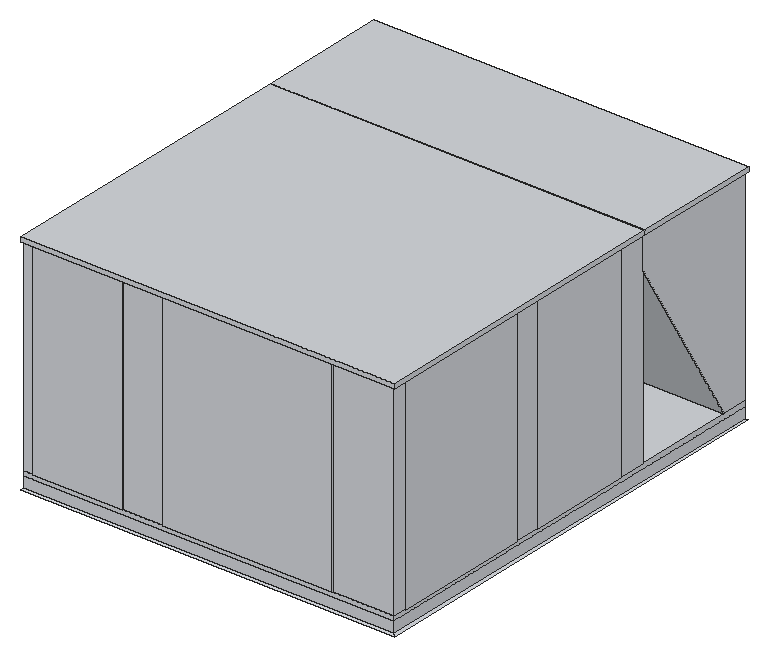
Revit family "Family3", category Generic Models, host Face, Revit 2025
Family settings
  Host = Face
  Can host rebar = No
  Round Connector Dimension = Use Diameter
  Part Type = Normal
  Cut with Voids When Loaded = No
  Maintain Annotation Orientation = No
  Shared = No
  Room Calculation Point = No
Parameters
  Default Elevation = 48"
Reference planes (in)
  plane 1 "Center (Front/Back)": y = 0
  plane 2: z = 0
  plane 3 "Center (Left/Right)": x = 0
  plane 4: z = 53.5625
  plane 5: x = 44.5625
  plane 6: x = -44.5625
  plane 7: y = -52.75
  plane 8: y = 22.0625
  plane 9: z = 45.75
  plane 10: z = 54.625
  plane 11: y = 52.75
  plane 12: y = 46.375
Forms (in)
  Extrusion 1, solid
    sketch origin (0, 0, 0) x (1, 0, 0) y (0, 1, 0)
      loop
        line (-44.5625, 22.0625) -> (-44.5625, -52.75) -> (44.5625, -52.75) -> (44.5625, 22.0625) -> (-44.5625, 22.0625)
    from 4.125 to 53.5625
  Extrusion 2, solid
    sketch origin (0, 0, -50.125) x (1, 0, 0) y (0, 1, 0)
      loop
        line (-44.5625, 52.75) -> (-44.5625, -52.75) -> (44.5625, -52.75) -> (44.5625, 52.75) -> (-44.5625, 52.75)
    from 53.0625 to 54.25
  Extrusion 3, solid
    sketch origin (0, 0, -51.3125) x (1, 0, 0) y (0, 1, 0)
      loop
        line (-44.5625, 52.75) -> (-44.5625, -52.75) -> (44.5625, -52.75) -> (44.5625, 52.75) -> (-44.5625, 52.75)
    from 51.6875 to 54.25
  Blend 4, solid
    base sketch origin (0, 0, 0) x (1, 0, 0) y (0, 1, 0)
      loop
        line (-45.0625, 53.25) -> (-45.0625, -53.25) -> (45.0625, -53.25) -> (45.0625, 53.25) -> (-45.0625, 53.25)
    top sketch origin (0, 0, 0) x (1, 0, 0) y (0, 1, 0)
      loop
        line (-44.5625, 52.75) -> (-44.5625, -52.75) -> (44.5625, -52.75) -> (44.5625, 52.75) -> (-44.5625, 52.75)
    from 0 to 0.375
  Extrusion 5, solid
    sketch origin (0, 0, 0) x (0, 1, 0) y (0, 0, 1)
      loop
        line (22.0625, 45.75) -> (46.375, 4.125) -> (52.75, 4.125) -> (52.75, 53.5625) -> (22.0625, 53.5625) -> (22.0625, 45.75)
    from -44.5625 to 44.5625
  Extrusion 6, solid
    sketch origin (0, 0, 0) x (1, 0, 0) y (0, 1, 0)
      loop
        line (-45.0625, 22.0625) -> (-45.0625, -53.25) -> (45.0625, -53.25) -> (45.0625, 22.0625) -> (-45.0625, 22.0625)
    from 53.5625 to 54.625
  Extrusion 7, solid
    sketch origin (0, 75.3125, 0) x (1, 0, 0) y (0, 1, 0)
      loop
        line (-45.0625, -22.0625) -> (-45.0625, -53.25) -> (45.0625, -53.25) -> (45.0625, -22.0625) -> (-45.0625, -22.0625)
    from 53.5625 to 54.625
Dimensions and locks (in)
  equal spacing: Extrusion 1 sketch curve, plane 3 "Center (Left/Right)", Extrusion 1 sketch curve
  plane 3 "Center (Left/Right)" to Extrusion 1 sketch curve = 44 9/16"
  Extrusion 1 sketch curve to Extrusion 1 sketch curve = 89 1/8"
  plane 1 "Center (Front/Back)" to Extrusion 1 sketch curve = 52 3/4"
  Extrusion 1 sketch curve to Extrusion 1 sketch curve = 74 13/16"
  plane 4 to plane 2 = 53 9/16"  (x2)
  Extrusion 1 to nested 1 = 3 1/8"  (x2)
  plane 4 to nested 1 = 0"
  nested 1 to nested 2 = 6 3/8"
  plane 2 to plane 4 = 53 9/16"
  Extrusion 2 sketch curve to Extrusion 2 sketch curve = 89 1/8"  (x2)
  Extrusion 2 sketch curve to Extrusion 2 sketch curve = 105 1/2"  (x2)
  Extrusion 3 sketch curve to Extrusion 3 sketch curve = 89 1/8"  (x2)
  Extrusion 3 sketch curve to Extrusion 3 sketch curve = 105 1/2"  (x2)
  plane 6 to Extrusion 1 = 0"
  nested 1 to nested 1 = 33 1/2"
  aligned and locked: host face to plane 2
  aligned and locked: host face to level
  aligned and locked: plane 4 to Extrusion 1
  aligned and locked: plane 4 to Extrusion 5
  aligned and locked: Extrusion 6 to plane 4
  aligned and locked: plane 10 to Extrusion 6
Nested families (in)
  nested 1: "Panel" at (44.5625, -32.875, 28.84375) x (0, 1, 0) z (1, 0, 0), type "Panel"
    with Width 33 1/2", Length 49 7/16"
  nested 2: "Panel" at (44.5625, 2.6875, 28.84375) x (0, 1, 0) z (1, 0, 0), type "Panel"
    with Width 24 7/8", Length 49 7/16"
  nested 3: "Panel" at (-44.5625, -32.875, 28.84375) x (0, 1, 0) z (-1, 0, 0), type "Panel"
    with Width 33 1/2", Length 49 7/16"
  nested 4: "Panel" at (-44.5625, 2.6875, 28.84375) x (0, 1, 0) z (-1, 0, 0), type "Panel"
    with Width 24 7/8", Length 49 7/16"
  nested 5: "Panel" at (-31.46875, -52.75, 28.84375) x (1, 0, 0) z (0, -1, 0), type "Panel"
    with Width 21 9/16", Length 49 7/16"
  nested 6: "Panel" at (9.46875, -52.75, 28.84375) x (1, 0, 0) z (0, -1, 0), type "Panel"
    with Width 40 11/16", Length 49 7/16"
Definition of nested family "Panel"
  Parameters (values of type "Panel")
    Width [instance] = 21 9/16"
    Length [instance] = 49 7/16"
    Default Elevation = 48"
  Reference planes (in)
    plane 1 "Center (Front/Back)": y = 0
    plane 2: z = 0
    plane 3 "Center (Left/Right)": x = 0
    plane 4: z = 0.25
    plane 5: x = -10.78125
    plane 6: x = 10.78125
    plane 7: y = 24.71875
    plane 8: y = -24.71875
  Forms (in)
    Extrusion 1, solid
      sketch origin (0, 0, 0) x (1, 0, 0) y (0, 1, 0)
        loop
          line (-48, 48) -> (-48, -48) -> (48, -48) -> (48, 48) -> (-48, 48)
      from 0 to -12
    Extrusion 2, solid
      sketch origin (0, 0, 0) x (1, 0, 0) y (0, 1, 0)
        loop
          line (-10.78125, 24.71875) -> (-10.78125, -24.71875) -> (10.78125, -24.71875) -> (10.78125, 24.71875) -> (-10.78125, 24.71875)
      from 0 to 0.25
  Dimensions and locks (in)
    plane 4 to plane 2 = 1/4"
    equal spacing: plane 5, plane 3 "Center (Left/Right)", plane 6
    equal spacing: plane 7, plane 1 "Center (Front/Back)", plane 8
    "Length": plane 7 to plane 8
    "Width": plane 5 to plane 6
    aligned and locked: plane 2 to Extrusion 1
    aligned and locked: level to Extrusion 1
    aligned and locked: plane 4 to Extrusion 2
    aligned and locked: Extrusion 2 to plane 6
    aligned and locked: Extrusion 2 to plane 5
    aligned and locked: plane 8 to Extrusion 2
    aligned and locked: plane 7 to Extrusion 2
  Automatic sketch dimensions
    Extrusion 1 sketch curve to Extrusion 1 sketch curve = 96"  (x2)
    plane 5 to Extrusion 2 sketch curve = 0"
    Extrusion 2 sketch curve to plane 6 = 0"
    plane 1 "Center (Front/Back)" to Extrusion 2 sketch curve = 24 23/32"
    Extrusion 2 sketch curve to plane 1 "Center (Front/Back)" = 24 23/32"
